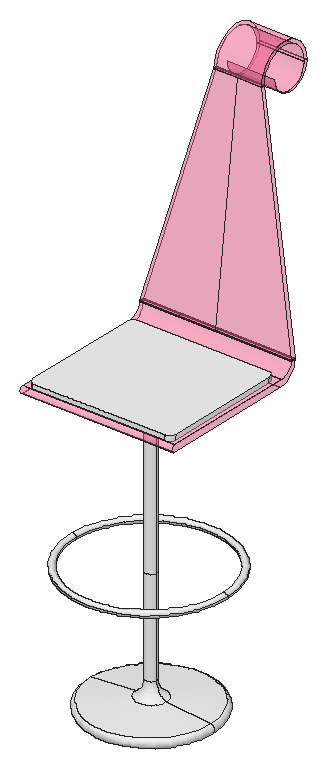
Revit family
Reference planes (in)
  plane 1 "Center F/B": y = 0
  plane 2: z = 0
  plane 3 "Center L/R": x = 0
Forms (in)
  Revolve 1, solid, material "Chrome"
    sketch origin (-64.375, 1.08253, 0) x (-1, 0, 0) y (0, 0, -1)
      loop
        line (-48.25, 0.02762) -> (-48.25, -30) -> (-46.19125, -30) -> (-46.19125, -28.94269) -> (-47.68847, -28.94269) -> (-47.68847, -13.19269) -> (-47.68847, -3.09036)
        arc (-47.68847, -3.09036) -> (-47.44751, -2.0802) -> (-46.69729, -1.36211) r 1.83707
        line (-46.69729, -1.36211) -> (-41.94314, -0.94618)
        arc (-41.94314, -0.94618) -> (-41.62739, -0.38461) -> (-42.12248, 0.02762) r 0.50341
        line (-42.12248, 0.02762) -> (-48.25, 0.02762)
      axis (-48.25, -30) -> (-48.25, 0.02762)
    angle from 0 to 360
  Sweep 2, solid, material "Chrome"
    path origin (0, -0.35422, 0) x (1, 0, 0) y (0, 1, 0)
      loop
        circle (-16.17995, 1.21169) r 8
    profile origin (-16.17995, 8.85747, 0) x (0, -1, 0) y (0, 0, 1)
      loop
        circle (0, 13.71187) r 0.30061
Nested families (in)
  nested 1: "stool seat" at (-16.21264, -4.00449, 28.65343), type "stool seat"
Definition of nested family "stool seat"
  Parameters
    ancho = 3' - 7.30709"
    altura base = 0' - 5.90551"
  Reference planes (in)
    plane 1 "Center (Front/Back)": y = 0
    plane 2: z = 0
    plane 3 "Center (Left/Right)": x = 0
    plane 4 "1": x = -21.65354
    plane 5 "2": x = 21.65354
    plane 6: y = 21.65354
    plane 7: y = -21.65354
    plane 8: z = 5.90551
    plane 9: z = 49.2126
    plane 10 "inclinado": through (0, -1.5418, 49.08696) normal (0, -0.891, -0.454)
  Forms (in)
    Extrusion 1, solid, material "Plastic chair"
      sketch origin (0, 0, 0) x (0, 1, 0) y (0, 0, 1)
        loop
          arc (-1.64796, 2.15868) -> (-2.02296, 1.78368) -> (-1.64796, 1.40868) r 0.375
          line (-1.64796, 1.40868) -> (12.32533, 1.40868)
          arc (12.32533, 1.40868) -> (13.65222, 1.9583) -> (14.20184, 3.28519) r 1.87651
          line (14.20184, 3.28519) -> (13.76886, 3.28519)
          arc (13.76886, 3.28519) -> (13.25708, 2.47463) -> (12.35204, 2.15868) r 1.45423
          line (12.35204, 2.15868) -> (-1.64796, 2.15868)
      from -8 to 8
    Extrusion 2, solid, material "plastico blanco ¬"
      sketch origin (0, -6.41281, 2.15868) x (0, 1, 0) y (-1, 0, 0)
        loop
          arc (18.49189, 6.7581) -> (18.27222, 7.28843) -> (17.74189, 7.5081) r 0.75
          line (17.74189, 7.5081) -> (5.61183, 7.5081)
          arc (5.61183, 7.5081) -> (5.16113, 7.37164) -> (4.86183, 7.0081) r 0.8125
          line (4.86183, 7.0081) -> (4.86183, -6.84228)
          arc (4.86183, -6.84228) -> (5.0521, -7.30163) -> (5.51145, -7.4919) r 0.64962
          line (5.51145, -7.4919) -> (17.74189, -7.4919)
          arc (17.74189, -7.4919) -> (18.19968, -7.34756) -> (18.49189, -6.96674) r 0.79813
          line (18.49189, -6.96674) -> (18.49189, 6.7581)
      from 0 to 0.5
    SweptBlend 3, solid, material "Plastic chair"
      path origin (0, 0.15422, 0.05141) x (0, 1, 0) y (0, 0, 1)
        loop
          line (14.07908, 3.26601) -> (16.85161, 25.84644)
      profile origin (0, 14.23331, 3.31742) x (0, -0.992546, 0.121869) y (1, 0, 0)
        loop
          line (0.50873, 0) -> (0.50873, 8) -> (0, 8) -> (0, -8) -> (0.50873, -8) -> (0.50873, 0)
      end profile origin (0, 17.00583, 25.89785) x (0, -0.992546, 0.121869) y (1, 0, 0)
        loop
          line (0.3655, 0) -> (0.3655, 2.5) -> (0, 2.5) -> (0, -2.5) -> (0.3655, -2.5) -> (0.3655, 0)
    Extrusion 4, solid, material "Plastic chair"
      sketch origin (0, 0, 0) x (0, 1, 0) y (0, 0, 1)
        loop
          line (16.64306, 25.92235) -> (17.00576, 25.92235)
          arc (17.00576, 25.92235) -> (19.63084, 28.54742) -> (22.25591, 25.92235) r 2.62508
          arc (22.25591, 25.92235) -> (20.32455, 23.99098) -> (18.39319, 25.92235) r 1.93136
          arc (18.39319, 25.92235) -> (20.51824, 23.79729) -> (22.64329, 25.92235) r 2.12505
          arc (22.64329, 25.92235) -> (19.64317, 28.92246) -> (16.64306, 25.92235) r 3.00012
      from 2.5 to -2.5
  Cuts and joins
    joined: Extrusion 1, SweptBlend 3
  Dimensions and locks (in)
    equal spacing: plane 4 "1", plane 3 "Center (Left/Right)", plane 5 "2"
    equal spacing: plane 6, plane 1 "Center (Front/Back)", plane 7
    "ancho": plane 4 "1" to plane 5 "2"
    "ancho": plane 6 to plane 7
    "altura base": plane 8 to level
    "ancho": plane 9 to plane 8
  Automatic sketch dimensions
    SweptBlend 3 sketch curve to profile plane = 0' - 0"  (x2)
    SweptBlend 3 sketch curve to plane 3 "Center (Left/Right)" = 0' - 0"  (x2)
    SweptBlend 3 sketch curve to profile plane = 0' - 0.3655"
    SweptBlend 3 sketch curve to plane 3 "Center (Left/Right)" = 0' - 2 1/2"
    plane 3 "Center (Left/Right)" to SweptBlend 3 sketch curve = 0' - 2 1/2"
    SweptBlend 3 sketch curve to plane 8 = 0' - 2.58809"
    SweptBlend 3 sketch curve to plane 6 = 0' - 7.42024"
    SweptBlend 3 sketch curve to plane 6 = 0' - 4.64771"
    plane 8 to SweptBlend 3 sketch curve = 1' - 7.99233"
    Extrusion 4 sketch curve to plane 6 = 0' - 5.01049"
    Extrusion 4 sketch curve to Extrusion 4 sketch curve = 0' - 0.3627"
    Extrusion 4 sketch curve to Extrusion 4 sketch curve = 0' - 1.23765"
    Extrusion 4 sketch curve to Extrusion 4 sketch curve = 0' - 0.01234"
    Extrusion 4 sketch curve to Extrusion 4 sketch curve = 0' - 0.68138"
    Extrusion 4 sketch curve to Extrusion 4 sketch curve = 0' - 0.19369"
    Extrusion 4 sketch curve to Extrusion 4 sketch curve = 0' - 0"
    plane 8 to Extrusion 4 sketch curve = 1' - 8.01683"
    plane 1 "Center (Front/Back)" to Extrusion 1 sketch curve = 0' - 1.64796"
    Extrusion 1 sketch curve to Extrusion 1 sketch curve = 0' - 0"
    level to Extrusion 1 sketch curve = 0' - 1.40868"
    Extrusion 1 sketch curve to plane 6 = 0' - 9.32821"
    Extrusion 1 sketch curve to Extrusion 1 sketch curve = 0' - 0.02671"
    Extrusion 1 sketch curve to Extrusion 1 sketch curve = 0' - 1.44353"
    Extrusion 1 sketch curve to Extrusion 1 sketch curve = 0' - 0.43298"
    Extrusion 1 sketch curve to Extrusion 1 sketch curve = 0' - 0 3/8"
    SweptBlend 3 sketch curve to profile plane = 0' - 0.50873"
    SweptBlend 3 sketch curve to plane 3 "Center (Left/Right)" = 0' - 8"
    plane 3 "Center (Left/Right)" to SweptBlend 3 sketch curve = 0' - 8"
    Extrusion 2 sketch curve to Extrusion 1 = 0' - 0.09697"
    Extrusion 2 sketch curve to Extrusion 1 = 0' - 0.7466"
    Extrusion 2 sketch curve to Extrusion 2 sketch curve = 0' - 0 3/4"
    Extrusion 2 sketch curve to Extrusion 1 = 0' - 1.02296"  (x2)
    Extrusion 2 sketch curve to Extrusion 1 = 0' - 0.27296"
    Extrusion 1 to Extrusion 2 sketch curve = 0' - 0.5081"
    Extrusion 2 sketch curve to Extrusion 2 sketch curve = 0' - 0.52516"
    Extrusion 1 to Extrusion 2 sketch curve = 0' - 1.3044"
    Extrusion 1 to Extrusion 2 sketch curve = 0' - 1.2419"
